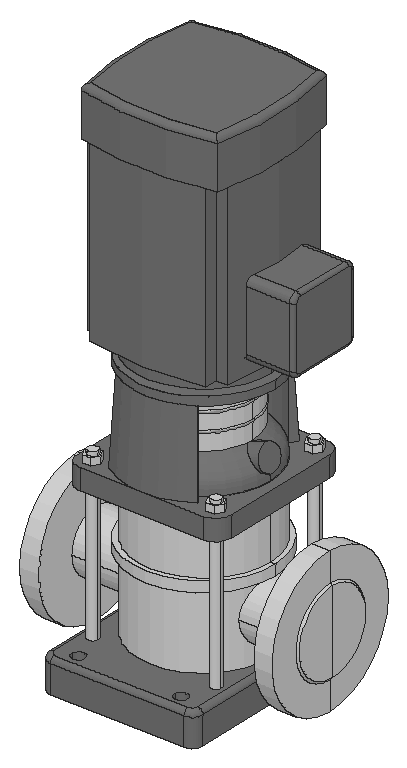
Revit family "TESK_Насос вертикальный_SVM(T)-5", category Оборудование, Revit 2019
Family settings
  Размер круглого соединителя = Использовать диаметр
  Классификация = Насос
  Тип детали = Вставляется
  На основе рабочей плоскости = Нет
  Всегда вертикально = Да
  При загрузке вырезать с полостями = Нет
  Общий = Нет
  Точка расчета площади = Нет
Parameters (values of type "Загрузите каталог типоразмеров TXT")
  Таблица_Поиска = "TESK_SVM(T)-5"  # constant formula
  Производитель_Контакты = "info@teskpump.ru"
  Напор максимальный = 0
  Материал_КорпусУлитка = TESK_Нержавеющая сталь
  Материал_КорпусДвигателя = TESK_Черный_Ребра_Условный
  Материал_2 = TESK_Нержавеющая сталь
  Материал_1 = TESK_Черный_Условный
  Длина_ВспомЛиния = 30 mm  # constant formula
  Высота_Перехода = size_lookup(Таблица_Поиска, "A5", 90 mm, ADSK_Марка)  # 90 mm
  Высота_Корпуса = size_lookup(Таблица_Поиска, "A1", 276 mm, ADSK_Марка)  # 276 mm
  Watermark [instance] = "Модели защищены уникальным кодом"
  URL = "www.teskpump.ru"
  ADSK_Свободный напор жидкости [instance] = 0.0 Pa
  ADSK_Расход жидкости [instance] = 0.0 L/s
  ADSK_Полная мощность = ADSK_Номинальная мощность * ADSK_Коэффициент мощности  # 0 kVA
  ADSK_Номинальная мощность = size_lookup(Таблица_Поиска, "Pow", 0 kW, ADSK_Марка)  # 0 kW
  ADSK_Напряжение = 400 V
  ADSK_Наименование краткое = "Вертикальный многоступенчатый центробежный насос"  # constant formula
  ADSK_Наименование = size_lookup(Таблица_Поиска, "Name", "Не найдено: Насос TESK SVM(T)-5", ADSK_Марка)  # "Не найдено: Насос TESK SVM(T)-5"
  ADSK_Масса_Текст = size_lookup(Таблица_Поиска, "mass_t", "Не найдено: Насос TESK SVM(T)-5", ADSK_Марка)  # "Не найдено: Насос TESK SVM(T)-5"
  ADSK_Масса = size_lookup(Таблица_Поиска, "mass", 0, ADSK_Марка)  # 0
  ADSK_Марка = "Загрузите каталог типоразмеров TXT"
  ADSK_Коэффициент мощности = 1
  ADSK_Количество фаз числовое = ADSK_Количество фаз  # 3
  ADSK_Количество фаз = if(ADSK_Напряжение = 230 V, 1, 3)  # 3
  ADSK_Количество = 1  # constant formula
  ADSK_Код изделия = size_lookup(Таблица_Поиска, "code", "Не найдено: Насос TESK SVM(T)-5", ADSK_Марка)  # "Не найдено: Насос TESK SVM(T)-5"
  ADSK_Классификация нагрузок = Прочее
  ADSK_Завод-изготовитель = "TESK"  # constant formula
  ADSK_Единица измерения = "шт."  # constant formula
  ADSK_Диаметр условный = 32 mm  # constant formula
  ADSK_Версия семейства = "1.0"  # constant formula
  ADSK_Версия Revit = "2019"  # constant formula
  Фланец_Толщина = 20 mm  # constant formula
  УГО_Длина = 250 mm  # constant formula
  Двигатель_Ширина = size_lookup(Таблица_Поиска, "A3", 148 mm, ADSK_Марка)  # 148 mm
  Двигатель_ОтступКоробки = size_lookup(Таблица_Поиска, "A4", 117 mm, ADSK_Марка)  # 117 mm
  Двигатель_Высота = size_lookup(Таблица_Поиска, "A2", 239 mm, ADSK_Марка)  # 239 mm
Reference planes
  plane 1 "По центру (Вперед/Назад)": y = 0
  plane 2: z = 0
  plane 3 "По центру (Влево/Вправо)": x = 0
  plane 4: x = -125
  plane 5: x = 125
  plane 6: x = -105
  plane 7: x = 105
  plane 8: z = -75
  plane 9: z = 201
  plane 10: z = -43
  plane 11: x = -65
  plane 12: z = 20
  plane 13: z = 30
  plane 14: z = 111
  plane 15: x = -40
  plane 16: z = 111
  plane 17: z = 91
  plane 18: x = -75
  plane 19: y = 75
  plane 20: x = 75
  plane 21: y = -75
  plane 22: z = 143.94
  plane 23: z = 193
  plane 24: z = 141
  plane 25: x = -46
  plane 26: x = -48
  plane 27: z = 158.333
  plane 28: z = 175.667
  plane 29: z = 176.667
  plane 30: z = 174.667
  plane 31: z = 159.333
  plane 32: z = 157.333
  plane 33: z = 188
  plane 34: x = -67
  plane 35: x = -75
  plane 36: x = -70
  plane 37: x = 67
  plane 38: x = 75
  plane 39: x = 70
  plane 40: x = -60
  plane 41: x = 60
  plane 42: y = -60
  plane 43: y = 60
  plane 44: z = 121
  plane 45: x = -75
  plane 46: x = 75
  plane 47: y = 105
  plane 48: y = -105
  plane 49: z = -48
  plane 50: x = -70
  plane 51: x = -75
  plane 52: x = -50
  plane 53: x = 50
  plane 54: y = -90
  plane 55: y = 90
  plane 56: z = 30
  plane 57: z = 40
  plane 58: x = -65
  plane 59: x = -70
  plane 60: x = -60
  plane 61: x = 60
  plane 62: y = 60
  plane 63: y = -60
  plane 64: z = 40
  plane 65: z = 123
  plane 66: x = 35
Forms (mm)
  Extrusion 1, solid, material "TESK_Нержавеющая сталь" <- "Материал_КорпусУлитка", detail levels fine
    sketch origin (0, 0, 0) x (0, 1, 0) y (0, 0, 1)
      loop
        circle (0, 0) r 30
    from -105 to 105
  Revolve 2, solid, material "TESK_Черный_Условный" <- "Материал_1", detail levels fine
    sketch origin (0, 0, 0) x (1, 0, 0) y (0, 0, 1)
      loop
        line (0, 193) -> (-40, 193) -> (-40, 143.94)
        spline (-40, 143.94) -> (-41.244, 140.444) -> (-44.01, 138.899) -> (-47.266, 137.354) -> (-50.371, 135.694) -> (-53.074, 133.884) -> (-55.632, 131.744) -> (-58.115, 129.259) -> (-60.275, 126.663) -> (-62.008, 124.179) -> (-63.365, 121.735) -> (-64.459, 117.975) -> (-65, 111)
        line (-65, 111) -> (-65, 91) -> (0, 91) -> (0, 193)
      axis (0, 91) -> (0, 193)
    angle from 0 to 360
  Extrusion 3, solid, material "TESK_Черный_Условный" <- "Материал_1", detail levels fine
    sketch origin (0, 0, 0) x (1, 0, 0) y (0, 1, 0)
      loop
        line (-75, 60) -> (-75, -60)
        arc (-75, -60) -> (-70.607, -70.607) -> (-60, -75) r 15
        line (-60, -75) -> (60, -75)
        arc (60, -75) -> (70.607, -70.607) -> (75, -60) r 15
        line (75, -60) -> (75, 60)
        arc (75, 60) -> (70.607, 70.607) -> (60, 75) r 15
        line (60, 75) -> (-60, 75)
        arc (-60, 75) -> (-70.607, 70.607) -> (-75, 60) r 15
    from 91 to 111
  Revolve 4, solid, material "TESK_Нержавеющая сталь" <- "Материал_2", detail levels fine
    sketch origin (0, 0, 0) x (1, 0, 0) y (0, 0, 1)
      loop
        line (-48, 188) -> (-48, 176.667)
        arc (-48, 176.667) -> (-49, 175.667) -> (-48, 174.667) r 1
        line (-48, 174.667) -> (-48, 159.333)
        arc (-48, 159.333) -> (-49, 158.333) -> (-48, 157.333) r 1
        line (-48, 157.333) -> (-48, 141) -> (-46, 141) -> (-46, 188) -> (-48, 188)
      axis (0, 141) -> (0, 188)
    angle from 0 to 360
  Extrusion 5, solid, material "TESK_Черный_Условный" <- "Материал_1", detail levels fine
    sketch origin (0, 0, 0) x (1, 0, 0) y (0, 1, 0)
      loop
        circle (0, 0) r 70
    from 193 to 201
  Revolve 6, solid, material "TESK_Черный_Условный" <- "Материал_1", detail levels fine
    sketch origin (0, 0, 0) x (1, 0, 0) y (0, 0, 1)
      loop
        line (-70, 193) -> (-75, 111) -> (-67, 111) -> (-67, 193) -> (-70, 193)
      axis (0, 111) -> (0, 193)
    angle from -125 to -55
  Revolve 7, solid, material "TESK_Черный_Условный" <- "Материал_1", detail levels fine
    sketch origin (0, 0, 0) x (-1, 0, 0) y (0, 0, 1)
      loop
        line (-70, 193) -> (-75, 111) -> (-67, 111) -> (-67, 193) -> (-70, 193)
      axis (0, 111) -> (0, 193)
    angle from 125 to 55
  Extrusion 8, solid, material "TESK_Нержавеющая сталь" <- "Материал_2", detail levels fine
    sketch origin (0, 0, 0) x (1, 0, 0) y (0, 1, 0)
      loop
        circle (-60, 60) r 5
      loop
        circle (60, 60) r 5
      loop
        circle (-60, -60) r 5
      loop
        circle (60, -60) r 5
    from -43 to 121
  Extrusion 9, solid, material "TESK_Черный_Условный" <- "Материал_1", detail levels fine
    sketch origin (0, 0, 0) x (1, 0, 0) y (0, 1, 0)
      loop
        arc (-65, 105) -> (-72.071, 102.071) -> (-75, 95) r 10
        line (-75, 95) -> (-75, -95)
        arc (-75, -95) -> (-72.071, -102.071) -> (-65, -105) r 10
        line (-65, -105) -> (65, -105)
        arc (65, -105) -> (72.071, -102.071) -> (75, -95) r 10
        line (75, -95) -> (75, 95)
        arc (75, 95) -> (72.071, 102.071) -> (65, 105) r 10
        line (65, 105) -> (-65, 105)
    from -75 to -43
  Sweep 10, void
    path in 3D
      loop
        arc (-75, -95, -43) -> (-72.071, -102.071, -43) -> (-65, -105, -43) r 10
        line (-65, -105, -43) -> (65, -105, -43)
        arc (65, -105, -43) -> (72.071, -102.071, -43) -> (75, -95, -43) r 10
        line (75, -95, -43) -> (75, 95, -43)
        arc (75, 95, -43) -> (72.071, 102.071, -43) -> (65, 105, -43) r 10
        line (65, 105, -43) -> (-65, 105, -43)
        arc (-65, 105, -43) -> (-72.071, 102.071, -43) -> (-75, 95, -43) r 10
        line (-75, 95, -43) -> (-75, -95, -43)
    profile origin (-75, 0, -43) x (1, 0, 0) y (0, 0, 1)
      loop
        arc (0, -5) -> (1.464, -1.464) -> (5, 0) r 5
        line (5, 0) -> (0, 0) -> (0, -5)
  Extrusion 11, void
    sketch origin (0, 0, 0) x (1, 0, 0) y (0, 1, 0)
      loop
        circle (-50, 90) r 6.5
      loop
        circle (50, 90) r 6.5
      loop
        circle (-50, -90) r 6.5
      loop
        circle (50, -90) r 6.5
    from -75 to -43
  Revolve 12, solid, material "TESK_Нержавеющая сталь" <- "Материал_КорпусУлитка", detail levels fine
    sketch origin (0, 0, 0) x (1, 0, 0) y (0, 0, 1)
      loop
        line (-65, -43) -> (0, -43) -> (0, 40) -> (-70, 40) -> (-70, 30) -> (-65, 30) -> (-65, -43)
      axis (0, -43) -> (0, 40)
    angle from 0 to 360
  Extrusion 13, solid, material "TESK_Нержавеющая сталь" <- "Материал_2", detail levels fine
    sketch origin (0, 0, 0) x (1, 0, 0) y (0, 1, 0)
      loop
        circle (0, 0) r 65
    from 40 to 91
  Sweep 14, solid, material "TESK_Черный_Условный" <- "Материал_1", detail levels fine
    path in 3D
      loop
        line (35, 0, 123) -> (63.978, 0, 130.765)
    profile origin (49.489, 0, 126.882) x (-0.258819, 0, 0.965926) y (0, -1, 0)
      loop
        circle (0, 0) r 12.65
Cuts and joins
  Sweep 10, Extrusion 11 cuts Extrusion 9
Lines and regions (mm)
  sketch lines
    curve 1: line (-75, 95, -43) -> (-75, -95, -43)
    curve 2: arc (-65, -105, -43) -> (-72.071, -102.071, -43) -> (-75, -95, -43) r 10
    curve 3: line (-65, -105, -43) -> (65, -105, -43)
    curve 4: arc (75, -95, -43) -> (72.071, -102.071, -43) -> (65, -105, -43) r 10
    curve 5: line (75, -95, -43) -> (75, 95, -43)
    curve 6: arc (65, 105, -43) -> (72.071, 102.071, -43) -> (75, 95, -43) r 10
    curve 7: line (65, 105, -43) -> (-65, 105, -43)
    curve 8: arc (-75, 95, -43) -> (-72.071, 102.071, -43) -> (-65, 105, -43) r 10
    curve 10: line (35, 0, 123) -> (63.978, 0, 130.765)
  reference lines
    curve 9: line (35, 0, 123) -> (63.978, 0, 130.765)
Dimensions and locks
  locked: plane 3 "По центру (Влево/Вправо)" to plane 4 at 125
  locked: plane 5 to plane 3 "По центру (Влево/Вправо)" at 125
  "Фланец_Толщина": plane 6 to plane 4
  "Фланец_Толщина": plane 5 to plane 7
  locked: plane 2 to plane 8 at 75
  "Высота_Корпуса": plane 9 to plane 8
  locked: plane 10 to plane 8 at 32
  locked: plane 3 "По центру (Влево/Вправо)" to plane 11 at 65
  locked: plane 12 to level at 20
  locked: plane 13 to plane 12 at 10
  "Высота_Перехода": plane 9 to plane 14
  locked: plane 3 "По центру (Влево/Вправо)" to plane 15 at 40
  "Высота_Перехода": plane 9 to plane 16
  locked: plane 16 to plane 17 at 20
  equal spacing: plane 18, plane 3 "По центру (Влево/Вправо)", plane 20
  equal spacing: plane 19, plane 1 "По центру (Вперед/Назад)", plane 21
  locked: plane 21 to plane 1 "По центру (Вперед/Назад)" at 75
  locked: plane 18 to plane 3 "По центру (Влево/Вправо)" at 75
  locked: plane 22 to plane 14 at 32.94
  locked: plane 24 to plane 16 at 30
  locked: plane 9 to plane 23 at 8
  locked: plane 3 "По центру (Влево/Вправо)" to plane 25 at 46
  locked: plane 3 "По центру (Влево/Вправо)" to plane 26 at 48
  equal spacing: plane 23, plane 28, plane 27, plane 24
  plane 29 to plane 28 to plane 30 = 1 mm locked, 1 mm locked
  plane 31 to plane 27 to plane 32 = 1 mm locked, 1 mm locked
  locked: plane 23 to plane 33 at 5
  locked: plane 3 "По центру (Влево/Вправо)" to plane 34 at 67
  locked: plane 35 to plane 3 "По центру (Влево/Вправо)" at 75
  locked: plane 3 "По центру (Влево/Вправо)" to plane 36 at 70
  locked: plane 37 to plane 3 "По центру (Влево/Вправо)" at 67
  locked: plane 39 to plane 3 "По центру (Влево/Вправо)" at 70
  locked: plane 38 to plane 3 "По центру (Влево/Вправо)" at 75
  equal spacing: plane 40, plane 3 "По центру (Влево/Вправо)", plane 41
  locked: plane 40 to plane 3 "По центру (Влево/Вправо)" at 60
  equal spacing: plane 43, plane 1 "По центру (Вперед/Назад)", plane 42
  locked: plane 43 to plane 1 "По центру (Вперед/Назад)" at 60
  locked: plane 44 to plane 16 at 10
  equal spacing: plane 45, plane 3 "По центру (Влево/Вправо)", plane 46
  locked: plane 45 to plane 3 "По центру (Влево/Вправо)" at 75
  equal spacing: plane 47, plane 1 "По центру (Вперед/Назад)", plane 48
  plane 47 to plane 1 "По центру (Вперед/Назад)" = 105 mm
  locked: plane 51 to plane 3 "По центру (Влево/Вправо)" at 75
  locked: plane 51 to plane 50 at 5
  locked: plane 10 to plane 49 at 5
  equal spacing: plane 52, plane 3 "По центру (Влево/Вправо)", plane 53
  locked: plane 52 to plane 3 "По центру (Влево/Вправо)" at 50
  equal spacing: plane 55, plane 1 "По центру (Вперед/Назад)", plane 54
  locked: plane 55 to plane 1 "По центру (Вперед/Назад)" at 90
  locked: plane 3 "По центру (Влево/Вправо)" to plane 58 at 65
  locked: plane 58 to plane 59 at 5
  locked: plane 56 to plane 2 at 30
  locked: plane 57 to plane 56 at 10
  equal spacing: plane 62, plane 1 "По центру (Вперед/Назад)", plane 63
  locked: plane 62 to plane 1 "По центру (Вперед/Назад)" at 60
  equal spacing: plane 60, plane 3 "По центру (Влево/Вправо)", plane 61
  locked: plane 3 "По центру (Влево/Вправо)" to plane 61 at 60
  locked: plane 64 to plane 2 at 40
  locked: plane 65 to plane 16 at 12
  locked: plane 66 to plane 3 "По центру (Влево/Вправо)" at 35
  "Длина_ВспомЛиния": curve 9 to curve 9
  diameter of Extrusion 1 sketch curve = 60 mm
  radius of Extrusion 3 sketch curve = 15 mm  (x4)
  radius of Revolve 4 sketch curve = 1 mm  (x2)
  diameter of Extrusion 5 sketch curve = 140 mm
  diameter of Extrusion 8 sketch curve = 10 mm  (x4)
  radius of Extrusion 9 sketch curve = 10 mm  (x4)
  radius of Sweep 10 sketch curve = 5 mm
  diameter of Extrusion 11 sketch curve = 13 mm  (x4)
  diameter of Extrusion 13 sketch curve = 130 mm
  diameter of Sweep 14 sketch curve = 25.3 mm
  locked: plane 65 to curve 9 (angle 15.00°)
  aligned and locked: level to plane 2
  aligned and locked: plane 1 "По центру (Вперед/Назад)" to nested 1
  aligned and locked: nested 2 to plane 1 "По центру (Вперед/Назад)"
  aligned and locked: plane 4 to nested 1
  aligned and locked: nested 2 to plane 5
  aligned and locked: Extrusion 1 to plane 6
  aligned and locked: plane 7 to Extrusion 1
  aligned and locked: plane 9 to nested 3
  aligned and locked: plane 3 "По центру (Влево/Вправо)" to Revolve 2 sketch curve
  aligned and locked: Revolve 2 sketch curve to plane 3 "По центру (Влево/Вправо)"
  aligned and locked: Revolve 2 sketch curve to plane 11
  aligned and locked: plane 14 to Revolve 2 sketch curve
  aligned and locked: Revolve 2 sketch curve to plane 15
  aligned and locked: Extrusion 3 sketch curve to plane 18
  aligned and locked: Extrusion 3 sketch curve to plane 19
  aligned and locked: Extrusion 3 sketch curve to plane 20
  aligned and locked: Extrusion 3 sketch curve to plane 21
  aligned and locked: plane 16 to Extrusion 3
  aligned and locked: Extrusion 3 to plane 17
  aligned and locked: plane 22 to Revolve 2 sketch curve
  aligned and locked: plane 3 "По центру (Влево/Вправо)" to Revolve 4 sketch curve
  aligned and locked: Revolve 4 sketch curve to plane 26  (x3)
  aligned and locked: Revolve 4 sketch curve to plane 24
  aligned and locked: Revolve 4 sketch curve to plane 25
  aligned and locked: Revolve 4 sketch curve to plane 33
  aligned and locked: Extrusion 5 to plane 23
  aligned and locked: plane 9 to Extrusion 5
  aligned and locked: plane 3 "По центру (Влево/Вправо)" to Revolve 6 sketch curve
  aligned and locked: Revolve 6 sketch curve to plane 34
  aligned and locked: plane 16 to Revolve 6 sketch curve
  aligned and locked: Revolve 6 sketch curve to plane 23
  aligned and locked: plane 35 to Revolve 6 sketch curve
  aligned and locked: plane 36 to Revolve 6 sketch curve
  aligned and locked: plane 37 to Revolve 7 sketch curve
  aligned and locked: Revolve 7 sketch curve to plane 16
  aligned and locked: plane 23 to Revolve 7 sketch curve
  aligned and locked: plane 43 to Extrusion 8 sketch curve  (x2)
  aligned and locked: plane 40 to Extrusion 8 sketch curve  (x2)
  aligned and locked: plane 41 to Extrusion 8 sketch curve  (x2)
  aligned and locked: plane 42 to Extrusion 8 sketch curve  (x2)
  aligned and locked: Extrusion 8 to plane 10
  aligned and locked: plane 44 to Extrusion 8
  aligned and locked: Extrusion 9 sketch curve to plane 47
  aligned and locked: Extrusion 9 sketch curve to plane 45
  aligned and locked: Extrusion 9 sketch curve to plane 46
  aligned and locked: Extrusion 9 sketch curve to plane 48
  aligned and locked: plane 8 to Extrusion 9
  aligned and locked: plane 10 to Extrusion 9
  aligned and locked: Sweep 10 sketch curve to plane 51
  aligned and locked: profile plane to Sweep 10 sketch curve
  aligned and locked: Revolve 2 sketch curve to plane 23
  aligned and locked: nested 4 to plane 1 "По центру (Вперед/Назад)"
  aligned and locked: nested 4 to plane 3 "По центру (Влево/Вправо)"
  aligned and locked: nested 5 to plane 3 "По центру (Влево/Вправо)"
  aligned and locked: nested 5 to plane 1 "По центру (Вперед/Назад)"
  aligned and locked: plane 2 to nested 5
  aligned and locked: plane 52 to Extrusion 11 sketch curve  (x2)
  aligned and locked: plane 54 to Extrusion 11 sketch curve
  aligned and locked: plane 53 to Extrusion 11 sketch curve  (x2)
  aligned and locked: plane 55 to Extrusion 11 sketch curve  (x2)
  aligned and locked: plane 10 to Extrusion 11
  aligned and locked: Extrusion 11 to plane 8
  aligned and locked: plane 3 "По центру (Влево/Вправо)" to Revolve 12 sketch curve
  aligned and locked: Revolve 12 sketch curve to plane 10
  aligned and locked: Revolve 12 sketch curve to plane 58
  aligned and locked: Revolve 12 sketch curve to plane 56
  aligned and locked: Revolve 12 sketch curve to plane 59
  aligned and locked: Revolve 12 sketch curve to plane 57
  aligned and locked: Revolve 12 sketch curve to plane 3 "По центру (Влево/Вправо)"
  aligned and locked: plane 3 "По центру (Влево/Вправо)" to nested 3
  aligned and locked: plane 1 "По центру (Вперед/Назад)" to nested 3
  aligned and locked: nested 6 to plane 62
  aligned and locked: plane 61 to nested 6
  aligned and locked: plane 62 to nested 7
  aligned and locked: plane 60 to nested 7
  aligned and locked: plane 63 to nested 9
  aligned and locked: nested 9 to plane 60
  aligned and locked: nested 8 to plane 63
  aligned and locked: nested 8 to plane 61
  aligned and locked: plane 16 to nested 8
  aligned and locked: nested 6 to plane 16
  aligned and locked: nested 9 to plane 16
  aligned and locked: plane 16 to nested 7
  aligned and locked: Revolve 2 sketch curve to plane 17
  aligned and locked: plane 1 "По центру (Вперед/Назад)" to Extrusion 13 sketch curve
  aligned and locked: plane 3 "По центру (Влево/Вправо)" to Extrusion 13 sketch curve
  aligned and locked: plane 17 to Extrusion 13
  aligned and locked: Extrusion 13 to plane 64
  aligned and locked: plane 38 to Revolve 7 sketch curve
  aligned and locked: Revolve 7 sketch curve to plane 39
  aligned and locked: plane 66 to curve 9
  aligned and locked: plane 65 to curve 9
Automatic sketch dimensions
  Extrusion 1 sketch curve to level = 0 mm
  Extrusion 1 sketch curve to plane 1 "По центру (Вперед/Назад)" = 0 mm
  Revolve 4 sketch curve to plane 32 = 0 mm
  Revolve 4 sketch curve to plane 30 = 0 mm
  Revolve 4 sketch curve to plane 24 = 10 mm
  Revolve 4 sketch curve to Revolve 4 sketch curve = 10 mm
  plane 1 "По центру (Вперед/Назад)" to Extrusion 5 sketch curve = 0 mm
  Extrusion 5 sketch curve to plane 3 "По центру (Влево/Вправо)" = 0 mm
  Sweep 10 sketch curve to plane 49 = 0 mm  (x2)
  Sweep 10 sketch curve to Sweep 10 sketch curve = 0 mm
  Sweep 10 sketch curve to plane 50 = 0 mm
  Extrusion 11 sketch curve to plane 54 = 0 mm
  Revolve 12 sketch curve to plane 17 = 30 mm
  Revolve 12 sketch curve to plane 17 = 10 mm
  Revolve 6 sketch curve to plane 44 = 0 mm
  Revolve 6 sketch curve to plane 24 = 7.057 mm
  Revolve 7 sketch curve to plane 3 "По центру (Влево/Вправо)" = 0 mm
  Revolve 7 sketch curve to plane 44 = 0 mm
  plane 24 to Revolve 7 sketch curve = 7.057 mm
  Sweep 14 sketch curve to profile plane = 0 mm
  profile plane to Sweep 14 sketch curve = 0 mm
  Revolve 2 sketch curve to plane 17 = 8 mm
  Revolve 2 sketch curve to Revolve 2 sketch curve = 2 mm
Nested families
  nested 1: "Фланец_Круглый" at (-105, 0, 0), Толщина_Фланца <- "Фланец_Толщина", ADSK_Материал <- "Материал_КорпусУлитка", type "Фланец_Круглый", detail levels fine
    with Толщина_Фланца 20 mm, Толщина_Зеркала 2.2 mm, Dнар_Фланца 140 mm, D_Зеркала 80 mm, ADSK_Материал TESK_Нержавеющая сталь
  nested 2: "Фланец_Круглый" at (105, 0, 0) x (-1, 0, 0) z (0, 0, 1), Толщина_Фланца <- "Фланец_Толщина", ADSK_Материал <- "Материал_КорпусУлитка", type "Фланец_Круглый", detail levels fine
    with Толщина_Фланца 20 mm, Толщина_Зеркала 2.2 mm, Dнар_Фланца 140 mm, D_Зеркала 80 mm, ADSK_Материал TESK_Нержавеющая сталь
  nested 3: "Электродвигатель" at (0, 0, 201), Высота_Двигателя <- "Двигатель_Высота", Отступ_Коробка <- "Двигатель_ОтступКоробки", Ширина_Двигателя <- "Двигатель_Ширина", ADSK_Материал <- "Материал_1", Материал_Корпуса <- "Материал_КорпусДвигателя", type "Электродвигатель", detail levels fine
    with Ширина_Коробки 74 mm, Ширина_Двигателя 148 mm, Отступ_Коробка 117 mm, Материал_Корпуса TESK_Черный_Ребра_Условный, Высота_Двигателя 239 mm, r_Крышка 5.92 mm, r_Коробка 7.4 mm, r2_Коробка 3.7 mm, r2 66.6 mm, r1 54.76 mm, h4 11.95 mm, h3 47.8 mm, h2 14.34 mm, h1 4.78 mm, a 17.76 mm, R 281.2 mm, ADSK_Материал TESK_Черный_Условный
  nested 4: "Вл_УГО_Насос_2D" at (0, 0, 0) x (-1, 0, 0) z (0, 0, 1), L_УГО <- "УГО_Длина", type "Вл_УГО_Насос_2D", detail levels coarse+medium
    with L_УГО 250 mm
  nested 5: "Вл_УГО_Насос_3D" at (0, 0, 0) x (-1, 0, 0) z (0, -1, 0), L_УГО <- "УГО_Длина", type "Вл_УГО_Насос_3D", detail levels coarse+medium
    with L_УГО 250 mm
  nested 6: "Гайка_Условная" at (60, 60, 111), Материал1 <- "Материал_2", type "Гайка_Условная", detail levels fine
    with Толщина_Гайка 7 mm, Материал1 TESK_Нержавеющая сталь, S_Гайка 14 mm, D_Вн 10 mm
  nested 7: "Гайка_Условная" at (-60, 60, 111) x (-1, 0, 0) z (0, 0, 1), Материал1 <- "Материал_2", type "Гайка_Условная", detail levels fine
    with Толщина_Гайка 7 mm, Материал1 TESK_Нержавеющая сталь, S_Гайка 14 mm, D_Вн 10 mm
  nested 8: "Гайка_Условная" at (60, -60, 111), Материал1 <- "Материал_2", type "Гайка_Условная", detail levels fine
    with Толщина_Гайка 7 mm, Материал1 TESK_Нержавеющая сталь, S_Гайка 14 mm, D_Вн 10 mm
  nested 9: "Гайка_Условная" at (-60, -60, 111) x (-1, 0, 0) z (0, 0, 1), Материал1 <- "Материал_2", type "Гайка_Условная", detail levels fine
    with Толщина_Гайка 7 mm, Материал1 TESK_Нержавеющая сталь, S_Гайка 14 mm, D_Вн 10 mm
Connectors
  electrical at (0, 0, 392.2), driven by "ADSK_Количество фаз", driven by "ADSK_Классификация нагрузок", driven by "ADSK_Напряжение", driven by "ADSK_Полная мощность", driven by "ADSK_Коэффициент мощности"
    settings: on nested 3, index 1, voltage 400 V, apparent load 0 kVA, apparent load phase1 0 kVA, apparent load phase2 0 kVA, apparent load phase3 0 kVA, power factor 1, load classification "Прочее", number of poles 3, system type 30, power factor state 1, is connector primary yes, connector utility no, sub classification motor no, connector description ""
  piping at (125, 0, 0), diameter 32, driven by "ADSK_Расход жидкости", driven by "ADSK_Диаметр условный"
    settings: on nested 2, index 2, connector inside diameter 609.6 mm, connector length 0 mm, flow factor 0, pipe flow 0.0 L/s, pressure drop 0.0 Pa, fitting loss kfactor 0, connector angle 0.00°, fixture units 0, engagement length 0 mm, angle of deflection 0.00°, flow configuration 0, flow direction 2, fitting loss method 0, system type 29, joint type 0, gender type 0, connector reference index 3, connector utility 0, adjustable connector no, is connector primary yes, connector description ""
  piping at (-125, 0, 0), diameter 32, driven by "ADSK_Расход жидкости", driven by "ADSK_Диаметр условный"
    settings: on nested 1, index 3, connector inside diameter 609.6 mm, connector length 0 mm, flow factor 0, pipe flow 0.0 L/s, pressure drop 0.0 Pa, fitting loss kfactor 0, connector angle 0.00°, fixture units 0, engagement length 0 mm, angle of deflection 0.00°, flow configuration 0, flow direction 1, fitting loss method 0, system type 29, joint type 0, gender type 0, connector reference index 2, connector utility 0, adjustable connector no, is connector primary no, connector description ""
Definition of nested family "Фланец_Круглый"
  Parameters (values of type "Фланец_Круглый")
    Толщина_Фланца [instance] = 30 mm
    Толщина_Зеркала [instance] = 2 mm
    Dнар_Фланца [instance] = 200 mm
    D_Зеркала [instance] = 90 mm
    ADSK_Материал [instance] = none
  Reference planes
    plane 1 "По центру (Вперед/Назад)": y = 0
    plane 2: z = 0
    plane 3 "По центру (Влево/Вправо)": x = 0
    plane 4: z = 100
    plane 5: z = -100
    plane 6: x = -30
    plane 7: x = -28
    plane 8: z = 45
    plane 9: z = -45
  Forms (mm)
    Revolve 1, solid, material <- "ADSK_Материал"
      sketch origin (0, 0, 0) x (1, 0, 0) y (0, 0, 1)
        loop
          line (0, 100) -> (-28, 100) -> (-28, 0) -> (0, 0) -> (0, 100)
        axis (-28, 0) -> (0, 0)
      angle from 0 to 360
    Revolve 2, solid, material <- "ADSK_Материал"
      sketch origin (0, 0, 0) x (1, 0, 0) y (0, 0, 1)
        loop
          line (-28, 47) -> (-30, 45) -> (-30, 0) -> (-28, 0) -> (-28, 47)
        axis (-30, 0) -> (-28, 0)
      angle from 0 to 360
  Cuts and joins
    joined: Revolve 1, Revolve 2
  Dimensions and locks
    equal spacing: plane 4, plane 2, plane 5
    "Dнар_Фланца": plane 4 to plane 5
    "Толщина_Фланца": plane 3 "По центру (Влево/Вправо)" to plane 6
    "Толщина_Зеркала": plane 7 to plane 6
    equal spacing: plane 8, plane 2, plane 9
    "D_Зеркала": plane 8 to plane 9
    locked: Revolve 2 sketch curve to plane 6 (angle 45.00°)
    aligned and locked: level to plane 2
    aligned and locked: Revolve 1 sketch curve to plane 2  (x2)
    aligned and locked: Revolve 1 sketch curve to plane 3 "По центру (Влево/Вправо)"
    aligned and locked: Revolve 1 sketch curve to plane 7
    aligned and locked: Revolve 1 sketch curve to plane 4
    aligned and locked: Revolve 2 sketch curve to plane 2  (x2)
    aligned and locked: Revolve 2 sketch curve to plane 7
    aligned and locked: Revolve 2 sketch curve to plane 6
    aligned and locked: plane 8 to Revolve 2 sketch curve
  Automatic sketch dimensions
    plane 7 to Revolve 1 sketch curve = 5 mm
    Revolve 1 sketch curve to plane 3 "По центру (Влево/Вправо)" = 2 mm
    plane 7 to Revolve 2 sketch curve = 12.352 mm
    Revolve 2 sketch curve to plane 3 "По центру (Влево/Вправо)" = 5.648 mm
Definition of nested family "Электродвигатель"
  Parameters (values of type "Электродвигатель")
    Ширина_Коробки [instance] = Ширина_Двигателя * 0.5  # 74 mm
    Ширина_Двигателя [instance] = 148 mm
    Отступ_Коробка [instance] = 117 mm
    Материал_Корпуса [instance] = none
    Высота_Двигателя [instance] = 239 mm
    r_Крышка [instance] = Ширина_Двигателя * 0.04  # 5.92 mm
    r_Коробка [instance] = Ширина_Коробки * 0.1  # 7.4 mm
    r2_Коробка [instance] = Ширина_Коробки * 0.05  # 3.7 mm
    r2 [instance] = Ширина_Двигателя * 0.45  # 66.6 mm
    r1 [instance] = Ширина_Двигателя * 0.37  # 54.76 mm
    h4 [instance] = Высота_Двигателя * 0.05  # 11.95 mm
    h3 [instance] = Высота_Двигателя * 0.2  # 47.8 mm
    h2 [instance] = Высота_Двигателя * 0.06  # 14.34 mm
    h1 [instance] = Высота_Двигателя * 0.02  # 4.78 mm
    a [instance] = Ширина_Двигателя * 0.12  # 17.76 mm
    R [instance] = Ширина_Двигателя * 1.9  # 281.2 mm
    ADSK_Материал [instance] = none
  Reference planes
    plane 1 "По центру (Вперед/Назад)": y = 0
    plane 2: z = 0
    plane 3 "По центру (Влево/Вправо)": x = 0
    plane 4: z = 239
    plane 5: x = -74
    plane 6: x = 74
    plane 7: x = 117
    plane 8: y = 74
    plane 9: y = -74
    plane 10: z = 4.78
    plane 11: z = 19.12
    plane 12: z = 191.2
    plane 13: x = -56.24
    plane 14: y = -56.24
    plane 15: y = 56.24
    plane 16: x = -56.24
    plane 17: x = 56.24
    plane 18: y = 56.24
    plane 19: x = 56.24
    plane 20: y = -56.24
    plane 21: x = -66.6
    plane 22: x = -54.76
    plane 23: x = 207.2
    plane 24: x = -207.2
    plane 25: y = -207.2
    plane 26: y = 207.2
    plane 27: x = 207.2
    plane 28: y = -207.2
    plane 29: x = -207.2
    plane 30: y = 207.2
    plane 31: y = 68.08
    plane 32: z = 233.08
    plane 33: z = 31.07
    plane 34: z = 105.07
    plane 35: y = -37
    plane 36: y = 37
    plane 37: x = 113.3
    plane 38: z = 101.37
  Forms (mm)
    Extrusion 1, solid, material <- "Материал_Корпуса"
      sketch origin (0, 0, 0) x (1, 0, 0) y (0, 1, 0)
        loop
          arc (-68.319, 56.24) -> (-74, 0) -> (-68.319, -56.24) r 281.2
          line (-68.319, -56.24) -> (-56.24, -56.24) -> (-56.24, -68.319)
          arc (-56.24, -68.319) -> (0, -74) -> (56.24, -68.319) r 281.2
          line (56.24, -68.319) -> (56.24, -56.24) -> (68.319, -56.24)
          arc (68.319, -56.24) -> (74, 0) -> (68.319, 56.24) r 281.2
          line (68.319, 56.24) -> (56.24, 56.24) -> (56.24, 68.319)
          arc (56.24, 68.319) -> (0, 74) -> (-56.24, 68.319) r 281.2
          line (-56.24, 68.319) -> (-56.24, 56.24) -> (-68.319, 56.24)
      from 19.12 to 191.2
    Revolve 2, solid, material <- "ADSK_Материал"
      sketch origin (0, 0, 0) x (1, 0, 0) y (0, 0, 1)
        loop
          line (-66.6, 19.12) -> (-66.6, 4.78) -> (-54.76, 4.78) -> (-54.76, 0) -> (0, 0) -> (0, 19.12) -> (-66.6, 19.12)
        axis (0, 0) -> (0, 19.12)
      angle from 0 to 360
    Extrusion 3, solid, material <- "ADSK_Материал"
      sketch origin (0, 0, 0) x (1, 0, 0) y (0, 1, 0)
        loop
          arc (-66.117, 66.117) -> (-74, 0) -> (-66.117, -66.117) r 281.2
          arc (-66.117, -66.117) -> (0, -74) -> (66.117, -66.117) r 281.2
          arc (66.117, -66.117) -> (74, 0) -> (66.117, 66.117) r 281.2
          arc (66.117, 66.117) -> (0, 74) -> (-66.117, 66.117) r 281.2
      from 191.2 to 239
    Sweep 4, void
      path in 3D
        loop
          arc (66.117, 66.117, 239) -> (74, 0, 239) -> (66.117, -66.117, 239) r 281.2
          arc (66.117, -66.117, 239) -> (0, -74, 239) -> (-66.117, -66.117, 239) r 281.2
          arc (-66.117, -66.117, 239) -> (-74, 0, 239) -> (-66.117, 66.117, 239) r 281.2
          arc (-66.117, 66.117, 239) -> (0, 74, 239) -> (66.117, 66.117, 239) r 281.2
      profile origin (0, 74, 239) x (0, 1, 0) y (0, 0, 1)
        loop
          line (0, 0) -> (-5.92, 0)
          arc (-5.92, 0) -> (-1.734, -1.734) -> (0, -5.92) r 5.92
          line (0, -5.92) -> (0, 0)
    Extrusion 5, solid, material <- "ADSK_Материал"
      sketch origin (0, 0, 0) x (0, 1, 0) y (0, 0, 1)
        loop
          line (-29.6, 31.07) -> (29.6, 31.07)
          arc (29.6, 31.07) -> (34.833, 33.237) -> (37, 38.47) r 7.4
          line (37, 38.47) -> (37, 97.67)
          arc (37, 97.67) -> (34.833, 102.903) -> (29.6, 105.07) r 7.4
          line (29.6, 105.07) -> (-29.6, 105.07)
          arc (-29.6, 105.07) -> (-34.833, 102.903) -> (-37, 97.67) r 7.4
          line (-37, 97.67) -> (-37, 38.47)
          arc (-37, 38.47) -> (-34.833, 33.237) -> (-29.6, 31.07) r 7.4
      from 0 to 117
    Sweep 6, void
      path in 3D
        loop
          arc (117, -29.6, 105.07) -> (117, -34.833, 102.903) -> (117, -37, 97.67) r 7.4
          line (117, -37, 97.67) -> (117, -37, 38.47)
          arc (117, -37, 38.47) -> (117, -34.833, 33.237) -> (117, -29.6, 31.07) r 7.4
          line (117, -29.6, 31.07) -> (117, 29.6, 31.07)
          arc (117, 29.6, 31.07) -> (117, 34.833, 33.237) -> (117, 37, 38.47) r 7.4
          line (117, 37, 38.47) -> (117, 37, 97.67)
          arc (117, 37, 97.67) -> (117, 34.833, 102.903) -> (117, 29.6, 105.07) r 7.4
          line (117, 29.6, 105.07) -> (117, -29.6, 105.07)
      profile origin (117, 0, 105.07) x (1, 0, 0) y (0, 0, 1)
        loop
          arc (-3.7, 0) -> (-1.084, -1.084) -> (0, -3.7) r 3.7
          line (0, -3.7) -> (0, 0) -> (-3.7, 0)
  Cuts and joins
    Sweep 4 cuts Extrusion 3
    Sweep 6 cuts Extrusion 5
  Lines and regions (mm)
    sketch lines
      curve 1: arc (-66.117, 66.117, 239) -> (0, 74, 239) -> (66.117, 66.117, 239) r 281.2
      curve 2: arc (66.117, 66.117, 239) -> (74, 0, 239) -> (66.117, -66.117, 239) r 281.2
      curve 3: arc (66.117, -66.117, 239) -> (0, -74, 239) -> (-66.117, -66.117, 239) r 281.2
      curve 4: arc (-66.117, -66.117, 239) -> (-74, 0, 239) -> (-66.117, 66.117, 239) r 281.2
      curve 5: line (117, 29.6, 105.07) -> (117, -29.6, 105.07)
      curve 6: arc (117, 29.6, 105.07) -> (117, 34.833, 102.903) -> (117, 37, 97.67) r 7.4
      curve 7: line (117, 37, 38.47) -> (117, 37, 97.67)
      curve 8: arc (117, 37, 38.47) -> (117, 34.833, 33.237) -> (117, 29.6, 31.07) r 7.4
      curve 9: line (117, -29.6, 31.07) -> (117, 29.6, 31.07)
      curve 10: arc (117, -29.6, 31.07) -> (117, -34.833, 33.237) -> (117, -37, 38.47) r 7.4
      curve 11: line (117, -37, 97.67) -> (117, -37, 38.47)
      curve 12: arc (117, -37, 97.67) -> (117, -34.833, 102.903) -> (117, -29.6, 105.07) r 7.4
  Dimensions and locks
    "Высота_Двигателя": plane 4 to plane 2
    equal spacing: plane 6, plane 3 "По центру (Влево/Вправо)", plane 5
    "Ширина_Двигателя": plane 6 to plane 5
    "Отступ_Коробка": plane 7 to plane 3 "По центру (Влево/Вправо)"
    equal spacing: plane 8, plane 1 "По центру (Вперед/Назад)", plane 9
    "Ширина_Двигателя": plane 8 to plane 9
    "a": plane 5 to plane 13
    "a": plane 14 to plane 9
    "a": plane 19 to plane 6
    "a": plane 20 to plane 9
    "a": plane 17 to plane 6
    "a": plane 8 to plane 18
    "a": plane 8 to plane 15
    "a": plane 5 to plane 16
    "r1": plane 3 "По центру (Влево/Вправо)" to plane 22
    "r2": plane 3 "По центру (Влево/Вправо)" to plane 21
    "h1": plane 10 to plane 2
    "h2": plane 11 to plane 10
    "h3": plane 4 to plane 12
    "R": plane 8 to plane 25
    "R": plane 5 to plane 23
    "R": plane 26 to plane 9
    "R": plane 24 to plane 6
    "R": plane 30 to plane 9
    "R": plane 8 to plane 28
    "R": plane 29 to plane 6
    "R": plane 5 to plane 27
    "r_Крышка": plane 8 to plane 31
    "r_Крышка": plane 4 to plane 32
    "h4": plane 33 to plane 11
    "Ширина_Коробки": plane 34 to plane 33
    equal spacing: plane 35, plane 1 "По центру (Вперед/Назад)", plane 36
    "Ширина_Коробки": plane 35 to plane 36
    "r2_Коробка": plane 7 to plane 37
    "r2_Коробка": plane 34 to plane 38
    "R": radius of Extrusion 1 sketch curve  (x4)
    "R": radius of Extrusion 3 sketch curve  (x4)
    "r_Крышка": radius of Sweep 4 sketch curve
    "r_Коробка": radius of Extrusion 5 sketch curve  (x4)
    "r2_Коробка": radius of Sweep 6 sketch curve
    aligned and locked: level to plane 2
    aligned and locked: Extrusion 1 sketch curve to plane 16
    aligned and locked: Extrusion 1 sketch curve to plane 17
    aligned and locked: Extrusion 1 sketch curve to plane 18
    aligned and locked: Extrusion 1 sketch curve to plane 20
    aligned and locked: Extrusion 1 sketch curve to plane 19
    aligned and locked: Extrusion 1 sketch curve to plane 13
    aligned and locked: Extrusion 1 sketch curve to plane 14
    aligned and locked: plane 12 to Extrusion 1
    aligned and locked: Extrusion 1 to plane 11
    aligned and locked: plane 3 "По центру (Влево/Вправо)" to Revolve 2 sketch curve
    aligned and locked: Revolve 2 sketch curve to plane 11
    aligned and locked: Revolve 2 sketch curve to plane 3 "По центру (Влево/Вправо)"
    aligned and locked: Revolve 2 sketch curve to level
    aligned and locked: Revolve 2 sketch curve to plane 21
    aligned and locked: Revolve 2 sketch curve to plane 22
    aligned and locked: Revolve 2 sketch curve to plane 10
    aligned and locked: plane 23 to Extrusion 1 sketch curve
    aligned and locked: plane 1 "По центру (Вперед/Назад)" to Extrusion 1 sketch curve  (x2)
    aligned and locked: plane 25 to Extrusion 1 sketch curve
    aligned and locked: plane 3 "По центру (Влево/Вправо)" to Extrusion 1 sketch curve  (x2)
    aligned and locked: plane 24 to Extrusion 1 sketch curve
    aligned and locked: plane 26 to Extrusion 1 sketch curve
    aligned and locked: plane 28 to Extrusion 3 sketch curve
    aligned and locked: plane 3 "По центру (Влево/Вправо)" to Extrusion 3 sketch curve  (x2)
    aligned and locked: plane 1 "По центру (Вперед/Назад)" to Extrusion 3 sketch curve  (x2)
    aligned and locked: plane 29 to Extrusion 3 sketch curve
    aligned and locked: plane 30 to Extrusion 3 sketch curve
    aligned and locked: plane 27 to Extrusion 3 sketch curve
    aligned and locked: plane 4 to Extrusion 3
    aligned and locked: Extrusion 3 to plane 12
    aligned and locked: profile plane to Sweep 4 sketch curve  (x2)
    aligned and locked: Extrusion 5 sketch curve to plane 33
    aligned and locked: Extrusion 5 sketch curve to plane 35
    aligned and locked: Extrusion 5 sketch curve to plane 34
    aligned and locked: Extrusion 5 sketch curve to plane 36
    aligned and locked: Extrusion 5 to plane 3 "По центру (Влево/Вправо)"
    aligned and locked: plane 7 to Extrusion 5
    aligned and locked: Sweep 6 sketch curve to plane 34
    aligned and locked: Sweep 6 sketch curve to plane 7
    aligned and locked: plane 37 to Sweep 6 sketch curve
    aligned and locked: plane 38 to Sweep 6 sketch curve
  Automatic sketch dimensions
    Extrusion 1 sketch curve to plane 15 = 0 mm
    plane 10 to Revolve 2 sketch curve = 5 mm
    Revolve 2 sketch curve to plane 11 = 0.698 mm
    Sweep 4 sketch curve to plane 31 = 0 mm  (x2)
    Sweep 4 sketch curve to plane 32 = 0 mm  (x2)
    Sweep 6 sketch curve to plane 37 = 0 mm
    Sweep 6 sketch curve to plane 38 = 0 mm
Definition of nested family "Вл_УГО_Насос_3D"
  Parameters (values of type "Вл_УГО_Насос_3D")
    L_УГО [instance] = 490 mm
    D = 200 mm  # constant formula
  Reference planes
    plane 1 "По центру (Вперед/Назад)": y = 0
    plane 2: z = 0
    plane 3 "По центру (Влево/Вправо)": x = 0
    plane 4: x = -245
    plane 5: x = 245
    plane 6: z = -1
    plane 7: z = 1
    plane 8: z = 0.5
    plane 9: z = -0.5
  Forms (mm)
    Extrusion 1, solid
      sketch origin (0, 0, 0) x (1, 0, 0) y (0, 1, 0)
        loop
          circle (0, 0) r 100
      from -0.5 to 0.5
    Extrusion 2, solid
      sketch origin (0, 0, 0) x (1, 0, 0) y (0, 1, 0)
        loop
          line (-100, 0) -> (50, -86.603) -> (50, 86.603) -> (-100, 0)
      from -1 to 1
  Lines and regions (mm)
    model lines
      curve 1: line (-245, 0, 0) -> (-100, 0, 0)
      curve 2: line (100, 0, 0) -> (245, 0, 0)
  Dimensions and locks
    equal spacing: plane 4, plane 3 "По центру (Влево/Вправо)", plane 5
    plane 7 to level to plane 6 = 1 mm locked, 1 mm locked
    plane 8 to level = 0.5 mm
    level to plane 9 = 0.5 mm
    "L_УГО": plane 4 to plane 5
    "D": diameter of Extrusion 1 sketch curve
    aligned and locked: level to plane 2
    aligned and locked: plane 3 "По центру (Влево/Вправо)" to Extrusion 1 sketch curve
    aligned and locked: plane 1 "По центру (Вперед/Назад)" to Extrusion 1 sketch curve
    aligned and locked: plane 8 to Extrusion 1
    aligned and locked: Extrusion 1 to plane 9
    aligned and locked: Extrusion 2 to plane 6
    aligned and locked: plane 7 to Extrusion 2
    aligned and locked: plane 1 "По центру (Вперед/Назад)" to curve 1
    aligned and locked: plane 4 to curve 1
    aligned and locked: plane 5 to curve 2
  Automatic sketch dimensions
    plane 1 "По центру (Вперед/Назад)" to Extrusion 2 sketch curve = 0 mm
    plane 3 "По центру (Влево/Вправо)" to Extrusion 2 sketch curve = 50 mm
    plane 1 "По центру (Вперед/Назад)" to Extrusion 2 sketch curve = 86.603 mm
    Extrusion 2 sketch curve to plane 1 "По центру (Вперед/Назад)" = 86.603 mm
    Extrusion 2 sketch curve to plane 3 "По центру (Влево/Вправо)" = 100 mm
    plane 1 "По центру (Вперед/Назад)" to curve 1 = 0 mm
    plane 1 "По центру (Вперед/Назад)" to curve 2 = 0 mm
    curve 1 to plane 3 "По центру (Влево/Вправо)" = 100 mm
    plane 3 "По центру (Влево/Вправо)" to curve 2 = 100 mm
Definition of nested family "Гайка_Условная"
  Parameters (values of type "Гайка_Условная")
    Толщина_Гайка [instance] = 10 mm
    Материал1 [instance] = none
    S_Гайка [instance] = 15 mm
    D_Вн [instance] = 10 mm
  Reference planes
    plane 1 "По центру (Вперед/Назад)": y = 0
    plane 2: z = 0
    plane 3 "По центру (Влево/Вправо)": x = 0
    plane 4: z = 10
  Forms (mm)
    Extrusion 1, solid, material <- "Материал1"
      sketch origin (0, 0, 0) x (1, 0, 0) y (0, 1, 0)
        loop
          line (8.66, 0) -> (4.33, 7.5) -> (-4.33, 7.5) -> (-8.66, 0) -> (-4.33, -7.5) -> (4.33, -7.5) -> (8.66, 0)
        loop
          circle (0, 0) r 5
      from 0 to 10
  Dimensions and locks
    equal spacing: Extrusion 1 sketch curve, plane 3 "По центру (Влево/Вправо)", Extrusion 1 sketch curve  (x3)
    "S_Гайка": Extrusion 1 sketch curve to Extrusion 1 sketch curve  (x3)
    "Толщина_Гайка": plane 4 to plane 2
    "D_Вн": diameter of Extrusion 1 sketch curve
    locked: Extrusion 1 sketch curve to Extrusion 1 sketch curve (angle 120.00°)  (x3)
    aligned and locked: level to plane 2
    aligned and locked: plane 1 "По центру (Вперед/Назад)" to Extrusion 1 sketch curve
    aligned and locked: plane 3 "По центру (Влево/Вправо)" to Extrusion 1 sketch curve
    aligned and locked: plane 4 to Extrusion 1
    aligned and locked: Extrusion 1 to plane 2
Definition of nested family "Вл_УГО_Насос_2D"
  Parameters (values of type "Вл_УГО_Насос_2D")
    L_УГО [instance] = 250 mm
    D = 200 mm  # constant formula
  Reference planes
    plane 1 "По центру (Вперед/Назад)": y = 0
    plane 2: z = 0
    plane 3 "По центру (Влево/Вправо)": x = 0
    plane 4: x = -125
    plane 5: x = 125
    plane 6: x = -100
    plane 7: x = 100
    plane 8: x = -100, in view "Опорный уровень"
  Lines and regions (mm)
    Filled region 1, type "Сплошная заливка - Черный", in view "Опорный уровень"
      outline origin (0, 0, 0) x (1, 0, 0) y (0, 1, 0)
        loop
          line (-100, 0) -> (50, -86.603) -> (50, 86.603) -> (-100, 0)
    detail lines, in view "Опорный уровень"
      curve 1: line (-125, 0, 0) -> (-100, 0, 0)
      curve 2: line (100, 0, 0) -> (125, 0, 0)
      curve 3: circle (0, 0, 0) r 100 normal (0, 0, 1)
  Dimensions and locks
    "L_УГО": plane 4 to plane 5
    equal spacing: plane 4, plane 3 "По центру (Влево/Вправо)", plane 5
    locked: plane 8 to plane 3 "По центру (Влево/Вправо)" at 100
    equal spacing: plane 6, plane 3 "По центру (Влево/Вправо)", plane 7
    "D": plane 6 to plane 7
    "D": diameter of curve 3
    aligned and locked: plane 4 to curve 1
    aligned and locked: plane 5 to curve 2
    aligned and locked: plane 1 "По центру (Вперед/Назад)" to curve 1
    aligned and locked: plane 8 to Filled region 1 sketch curve
    aligned and locked: plane 6 to curve 1
    aligned and locked: plane 7 to curve 2
    aligned and locked: plane 3 "По центру (Влево/Вправо)" to curve 3
    aligned and locked: plane 1 "По центру (Вперед/Назад)" to curve 3
  Automatic sketch dimensions
    plane 1 "По центру (Вперед/Назад)" to Filled region 1 sketch curve = 0 mm
    plane 3 "По центру (Влево/Вправо)" to Filled region 1 sketch curve = 50 mm
    plane 1 "По центру (Вперед/Назад)" to Filled region 1 sketch curve = 86.603 mm
    Filled region 1 sketch curve to plane 1 "По центру (Вперед/Назад)" = 86.603 mm
    plane 1 "По центру (Вперед/Назад)" to curve 2 = 0 mm
Types in the file's own list only (36): name | Напор максимальный | Материал_КорпусУлитка | Длина_ВспомЛиния | Высота_Перехода | Высота_Корпуса | ADSK_Полная мощность | ADSK_Номинальная мощность | ADSK_Напряжение | ADSK_Наименование | ADSK_Масса_Текст | ADSK_Масса | ADSK_Марка | ADSK_Код изделия | ADSK_Диаметр условный | Фланец_Толщина | УГО_Длина | Двигатель_Ширина | Двигатель_ОтступКоробки | Двигатель_Высота
  SVM 5-2 0.37kW 3x380V 50Hz IE3 | 12.5 | TESK_Нержавеющая сталь | 30 мм | 90 мм | 276 мм | 0 кВ·А | 0 кВт | 400 В | "Вертикальный многоступенчатый центробежный насос SVM, DN32, PN25, Hmax=12.5м (3x380V 50Hz IE3)" | "21" | 21 | "SVM 5-2 0.37kW 3x380V 50Hz IE3" | "775-200003380NSSF" | 32 мм | 20 мм | 250 мм | 148 мм | 117 мм | 239 мм
  SVM 5-3 0.55kW 3x380V 50Hz IE3 | 19.5 | TESK_Нержавеющая сталь | 30 мм | 90 мм | 303 мм | 1 кВ·А | 1 кВт | 400 В | "Вертикальный многоступенчатый центробежный насос SVM, DN32, PN25, Hmax=19.5м (3x380V 50Hz IE3)" | "22" | 22 | "SVM 5-3 0.55kW 3x380V 50Hz IE3" | "775-300003380NSSF" | 32 мм | 20 мм | 250 мм | 148 мм | 117 мм | 239 мм
  SVM 5-4 0.55kW 3x380V 50Hz IE3 | 26 | TESK_Нержавеющая сталь | 30 мм | 90 мм | 330 мм | 1 кВ·А | 1 кВт | 400 В | "Вертикальный многоступенчатый центробежный насос SVM, DN32, PN25, Hmax=26м (3x380V 50Hz IE3)" | "23" | 23 | "SVM 5-4 0.55kW 3x380V 50Hz IE3" | "775-400003380NSSF" | 32 мм | 20 мм | 250 мм | 148 мм | 117 мм | 239 мм
  SVM 5-5 0.75kW 3x380V 50Hz IE3 | 32.5 | TESK_Нержавеющая сталь | 30 мм | 110 мм | 367 мм | 1 кВ·А | 1 кВт | 400 В | "Вертикальный многоступенчатый центробежный насос SVM, DN32, PN25, Hmax=32.5м (3x380V 50Hz IE3)" | "25" | 25 | "SVM 5-5 0.75kW 3x380V 50Hz IE3" | "775-500003380NSSF" | 32 мм | 20 мм | 250 мм | 170 мм | 142 мм | 280 мм
  SVM 5-6 1.1kW 3x380V 50Hz IE3 | 38.5 | TESK_Нержавеющая сталь | 30 мм | 110 мм | 394 мм | 1 кВ·А | 1 кВт | 400 В | "Вертикальный многоступенчатый центробежный насос SVM, DN32, PN25, Hmax=38.5м (3x380V 50Hz IE3)" | "26" | 26 | "SVM 5-6 1.1kW 3x380V 50Hz IE3" | "775-600003380NSSF" | 32 мм | 20 мм | 250 мм | 170 мм | 142 мм | 280 мм
  SVM 5-8 1.1kW 3x380V 50Hz IE3 | 50.5 | TESK_Нержавеющая сталь | 30 мм | 110 мм | 448 мм | 1 кВ·А | 1 кВт | 400 В | "Вертикальный многоступенчатый центробежный насос SVM, DN32, PN25, Hmax=50.5м (3x380V 50Hz IE3)" | "27" | 27 | "SVM 5-8 1.1kW 3x380V 50Hz IE3" | "775-800003380NSSF" | 32 мм | 20 мм | 250 мм | 170 мм | 142 мм | 280 мм
  SVM 5-10 1.5kW 3x380V 50Hz IE3 | 63.5 | TESK_Нержавеющая сталь | 30 мм | 130 мм | 512 мм | 2 кВ·А | 2 кВт | 400 В | "Вертикальный многоступенчатый центробежный насос SVM, DN32, PN25, Hmax=63.5м (3x380V 50Hz IE3)" | "33" | 33 | "SVM 5-10 1.5kW 3x380V 50Hz IE3" | "775-100003380NSSF" | 32 мм | 20 мм | 250 мм | 190 мм | 155 мм | 333 мм
  SVM 5-12 2.2kW 3x380V 50Hz IE3 | 76 | TESK_Нержавеющая сталь | 30 мм | 130 мм | 566 мм | 2 кВ·А | 2 кВт | 400 В | "Вертикальный многоступенчатый центробежный насос SVM, DN32, PN25, Hmax=76м (3x380V 50Hz IE3)" | "37" | 37 | "SVM 5-12 2.2kW 3x380V 50Hz IE3" | "775-120003380NSSF" | 32 мм | 20 мм | 250 мм | 190 мм | 155 мм | 333 мм
  SVM 5-14 2.2kW 3x380V 50Hz IE3 | 89 | TESK_Нержавеющая сталь | 30 мм | 130 мм | 620 мм | 2 кВ·А | 2 кВт | 400 В | "Вертикальный многоступенчатый центробежный насос SVM, DN32, PN25, Hmax=89м (3x380V 50Hz IE3)" | "38" | 38 | "SVM 5-14 2.2kW 3x380V 50Hz IE3" | "775-140003380NSSF" | 32 мм | 20 мм | 250 мм | 190 мм | 155 мм | 333 мм
  SVM 5-16 2.2kW 3x380V 50Hz IE3 | 101 | TESK_Нержавеющая сталь | 30 мм | 130 мм | 674 мм | 2 кВ·А | 2 кВт | 400 В | "Вертикальный многоступенчатый центробежный насос SVM, DN32, PN25, Hmax=101м (3x380V 50Hz IE3)" | "39" | 39 | "SVM 5-16 2.2kW 3x380V 50Hz IE3" | "775-160003380NSSF" | 32 мм | 20 мм | 250 мм | 190 мм | 155 мм | 333 мм
  SVM 5-18 3kW 3x380V 50Hz IE3 | 115 | TESK_Нержавеющая сталь | 30 мм | 150 мм | 738 мм | 3 кВ·А | 3 кВт | 400 В | "Вертикальный многоступенчатый центробежный насос SVM, DN32, PN25, Hmax=115м (3x380V 50Hz IE3)" | "48" | 48 | "SVM 5-18 3kW 3x380V 50Hz IE3" | "775-180003380NSSF" | 32 мм | 20 мм | 250 мм | 197 мм | 165 мм | 348 мм
  SVM 5-20 3kW 3x380V 50Hz IE3 | 129 | TESK_Нержавеющая сталь | 30 мм | 150 мм | 792 мм | 3 кВ·А | 3 кВт | 400 В | "Вертикальный многоступенчатый центробежный насос SVM, DN32, PN25, Hmax=129м (3x380V 50Hz IE3)" | "49" | 49 | "SVM 5-20 3kW 3x380V 50Hz IE3" | "775-2000003380NSSF" | 32 мм | 20 мм | 250 мм | 197 мм | 165 мм | 348 мм
  SVM 5-22 4kW 3x380V 50Hz IE3 | 142 | TESK_Нержавеющая сталь | 30 мм | 170 мм | 846 мм | 4 кВ·А | 4 кВт | 400 В | "Вертикальный многоступенчатый центробежный насос SVM, DN32, PN25, Hmax=142м (3x380V 50Hz IE3)" | "57" | 57 | "SVM 5-22 4kW 3x380V 50Hz IE3" | "775-2200003380NSSF" | 32 мм | 20 мм | 250 мм | 230 мм | 185 мм | 382 мм
  SVM 5-24 4kW 3x380V 50Hz IE3 | 156 | TESK_Нержавеющая сталь | 30 мм | 170 мм | 900 мм | 4 кВ·А | 4 кВт | 400 В | "Вертикальный многоступенчатый центробежный насос SVM, DN32, PN25, Hmax=156м (3x380V 50Hz IE3)" | "58" | 58 | "SVM 5-24 4kW 3x380V 50Hz IE3" | "775-2400003380NSSF" | 32 мм | 20 мм | 250 мм | 230 мм | 185 мм | 382 мм
  SVM 5-26 4kW 3x380V 50Hz IE3 | 169 | TESK_Нержавеющая сталь | 30 мм | 170 мм | 954 мм | 4 кВ·А | 4 кВт | 400 В | "Вертикальный многоступенчатый центробежный насос SVM, DN32, PN25, Hmax=169м (3x380V 50Hz IE3)" | "59" | 59 | "SVM 5-26 4kW 3x380V 50Hz IE3" | "775-2600003380NSSF" | 32 мм | 20 мм | 250 мм | 230 мм | 185 мм | 382 мм
  SVM 5-29 4kW 3x380V 50Hz IE3 | 189 | TESK_Нержавеющая сталь | 30 мм | 170 мм | 1035 мм | 4 кВ·А | 4 кВт | 400 В | "Вертикальный многоступенчатый центробежный насос SVM, DN32, PN25, Hmax=189м (3x380V 50Hz IE3)" | "60" | 60 | "SVM 5-29 4kW 3x380V 50Hz IE3" | "775-2900003380NSSF" | 32 мм | 20 мм | 250 мм | 230 мм | 185 мм | 382 мм
  SVM 5-32 5.5kW 3x380V 50Hz IE3 | 209 | TESK_Нержавеющая сталь | 30 мм | 190 мм | 1136 мм | 6 кВ·А | 6 кВт | 400 В | "Вертикальный многоступенчатый центробежный насос SVM, DN32, PN25, Hmax=209м (3x380V 50Hz IE3)" | "75" | 75 | "SVM 5-32 5.5kW 3x380V 50Hz IE3" | "775-3200003380NSSF" | 32 мм | 20 мм | 250 мм | 260 мм | 210 мм | 435 мм
  SVM 5-36 5.5kW 3x380V 50Hz IE3 | 232 | TESK_Нержавеющая сталь | 30 мм | 190 мм | 1244 мм | 6 кВ·А | 6 кВт | 400 В | "Вертикальный многоступенчатый центробежный насос SVM, DN32, PN25, Hmax=232м (3x380V 50Hz IE3)" | "76" | 76 | "SVM 5-36 5.5kW 3x380V 50Hz IE3" | "775-3600003380NSSF" | 32 мм | 20 мм | 250 мм | 260 мм | 210 мм | 435 мм
  SVMT 5-2 0.37kW 3x380V 50Hz IE3 | 12.5 | TESK_Черный_Условный | 30 мм | 90 мм | 276 мм | 0 кВ·А | 0 кВт | 400 В | "Вертикальный многоступенчатый центробежный насос SVMT, DN32, PN25, Hmax=12.5м (3x380V 50Hz IE3)" | "21" | 21 | "SVMT 5-2 0.37kW 3x380V 50Hz IE3" | "775-200003380N" | 32 мм | 20 мм | 250 мм | 148 мм | 117 мм | 239 мм
  SVMT 5-3 0.55kW 3x380V 50Hz IE3 | 19.5 | TESK_Черный_Условный | 30 мм | 90 мм | 303 мм | 1 кВ·А | 1 кВт | 400 В | "Вертикальный многоступенчатый центробежный насос SVMT, DN32, PN25, Hmax=19.5м (3x380V 50Hz IE3)" | "22" | 22 | "SVMT 5-3 0.55kW 3x380V 50Hz IE3" | "775-300003380N" | 32 мм | 20 мм | 250 мм | 148 мм | 117 мм | 239 мм
  SVMT 5-4 0.55kW 3x380V 50Hz IE3 | 26 | TESK_Черный_Условный | 30 мм | 90 мм | 330 мм | 1 кВ·А | 1 кВт | 400 В | "Вертикальный многоступенчатый центробежный насос SVMT, DN32, PN25, Hmax=26м (3x380V 50Hz IE3)" | "23" | 23 | "SVMT 5-4 0.55kW 3x380V 50Hz IE3" | "775-400003380N" | 32 мм | 20 мм | 250 мм | 148 мм | 117 мм | 239 мм
  SVMT 5-5 0.75kW 3x380V 50Hz IE3 | 32.5 | TESK_Черный_Условный | 30 мм | 110 мм | 367 мм | 1 кВ·А | 1 кВт | 400 В | "Вертикальный многоступенчатый центробежный насос SVMT, DN32, PN25, Hmax=32.5м (3x380V 50Hz IE3)" | "25" | 25 | "SVMT 5-5 0.75kW 3x380V 50Hz IE3" | "775-500003380N" | 32 мм | 20 мм | 250 мм | 170 мм | 142 мм | 280 мм
  SVMT 5-6 1.1kW 3x380V 50Hz IE3 | 38.5 | TESK_Черный_Условный | 30 мм | 110 мм | 394 мм | 1 кВ·А | 1 кВт | 400 В | "Вертикальный многоступенчатый центробежный насос SVMT, DN32, PN25, Hmax=38.5м (3x380V 50Hz IE3)" | "26" | 26 | "SVMT 5-6 1.1kW 3x380V 50Hz IE3" | "775-600003380N" | 32 мм | 20 мм | 250 мм | 170 мм | 142 мм | 280 мм
  SVMT 5-8 1.1kW 3x380V 50Hz IE3 | 50.5 | TESK_Черный_Условный | 30 мм | 110 мм | 448 мм | 1 кВ·А | 1 кВт | 400 В | "Вертикальный многоступенчатый центробежный насос SVMT, DN32, PN25, Hmax=50.5м (3x380V 50Hz IE3)" | "27" | 27 | "SVMT 5-8 1.1kW 3x380V 50Hz IE3" | "775-800003380N" | 32 мм | 20 мм | 250 мм | 170 мм | 142 мм | 280 мм
  SVMT 5-10 1.5kW 3x380V 50Hz IE3 | 63.5 | TESK_Черный_Условный | 30 мм | 130 мм | 512 мм | 2 кВ·А | 2 кВт | 400 В | "Вертикальный многоступенчатый центробежный насос SVMT, DN32, PN25, Hmax=63.5м (3x380V 50Hz IE3)" | "33" | 33 | "SVMT 5-10 1.5kW 3x380V 50Hz IE3" | "775-100003380N" | 32 мм | 20 мм | 250 мм | 190 мм | 155 мм | 333 мм
  SVMT 5-12 2.2kW 3x380V 50Hz IE3 | 76 | TESK_Черный_Условный | 30 мм | 130 мм | 566 мм | 2 кВ·А | 2 кВт | 400 В | "Вертикальный многоступенчатый центробежный насос SVMT, DN32, PN25, Hmax=76м (3x380V 50Hz IE3)" | "37" | 37 | "SVMT 5-12 2.2kW 3x380V 50Hz IE3" | "775-120003380N" | 32 мм | 20 мм | 250 мм | 190 мм | 155 мм | 333 мм
  SVMT 5-14 2.2kW 3x380V 50Hz IE3 | 89 | TESK_Черный_Условный | 30 мм | 130 мм | 620 мм | 2 кВ·А | 2 кВт | 400 В | "Вертикальный многоступенчатый центробежный насос SVMT, DN32, PN25, Hmax=89м (3x380V 50Hz IE3)" | "38" | 38 | "SVMT 5-14 2.2kW 3x380V 50Hz IE3" | "775-140003380N" | 32 мм | 20 мм | 250 мм | 190 мм | 155 мм | 333 мм
  SVMT 5-16 2.2kW 3x380V 50Hz IE3 | 101 | TESK_Черный_Условный | 30 мм | 130 мм | 674 мм | 2 кВ·А | 2 кВт | 400 В | "Вертикальный многоступенчатый центробежный насос SVMT, DN32, PN25, Hmax=101м (3x380V 50Hz IE3)" | "39" | 39 | "SVMT 5-16 2.2kW 3x380V 50Hz IE3" | "775-160003380N" | 32 мм | 20 мм | 250 мм | 190 мм | 155 мм | 333 мм
  SVMT 5-18 3kW 3x380V 50Hz IE3 | 115 | TESK_Черный_Условный | 30 мм | 150 мм | 738 мм | 3 кВ·А | 3 кВт | 400 В | "Вертикальный многоступенчатый центробежный насос SVMT, DN32, PN25, Hmax=115м (3x380V 50Hz IE3)" | "48" | 48 | "SVMT 5-18 3kW 3x380V 50Hz IE3" | "775-180003380N" | 32 мм | 20 мм | 250 мм | 197 мм | 165 мм | 348 мм
  SVMT 5-20 3kW 3x380V 50Hz IE3 | 129 | TESK_Черный_Условный | 30 мм | 150 мм | 792 мм | 3 кВ·А | 3 кВт | 400 В | "Вертикальный многоступенчатый центробежный насос SVMT, DN32, PN25, Hmax=129м (3x380V 50Hz IE3)" | "49" | 49 | "SVMT 5-20 3kW 3x380V 50Hz IE3" | "775-2000003380N" | 32 мм | 20 мм | 250 мм | 197 мм | 165 мм | 348 мм
  SVMT 5-22 4kW 3x380V 50Hz IE3 | 142 | TESK_Черный_Условный | 30 мм | 170 мм | 846 мм | 4 кВ·А | 4 кВт | 400 В | "Вертикальный многоступенчатый центробежный насос SVMT, DN32, PN25, Hmax=142м (3x380V 50Hz IE3)" | "57" | 57 | "SVMT 5-22 4kW 3x380V 50Hz IE3" | "775-2200003380N" | 32 мм | 20 мм | 250 мм | 230 мм | 185 мм | 382 мм
  SVMT 5-24 4kW 3x380V 50Hz IE3 | 156 | TESK_Черный_Условный | 30 мм | 170 мм | 900 мм | 4 кВ·А | 4 кВт | 400 В | "Вертикальный многоступенчатый центробежный насос SVMT, DN32, PN25, Hmax=156м (3x380V 50Hz IE3)" | "58" | 58 | "SVMT 5-24 4kW 3x380V 50Hz IE3" | "775-2400003380N" | 32 мм | 20 мм | 250 мм | 230 мм | 185 мм | 382 мм
  SVMT 5-26 4kW 3x380V 50Hz IE3 | 169 | TESK_Черный_Условный | 30 мм | 170 мм | 954 мм | 4 кВ·А | 4 кВт | 400 В | "Вертикальный многоступенчатый центробежный насос SVMT, DN32, PN25, Hmax=169м (3x380V 50Hz IE3)" | "59" | 59 | "SVMT 5-26 4kW 3x380V 50Hz IE3" | "775-2600003380N" | 32 мм | 20 мм | 250 мм | 230 мм | 185 мм | 382 мм
  SVMT 5-29 4kW 3x380V 50Hz IE3 | 189 | TESK_Черный_Условный | 30 мм | 170 мм | 1035 мм | 4 кВ·А | 4 кВт | 400 В | "Вертикальный многоступенчатый центробежный насос SVMT, DN32, PN25, Hmax=189м (3x380V 50Hz IE3)" | "60" | 60 | "SVMT 5-29 4kW 3x380V 50Hz IE3" | "775-2900003380N" | 32 мм | 20 мм | 250 мм | 230 мм | 185 мм | 382 мм
  SVMT 5-32 5.5kW 3x380V 50Hz IE3 | 209 | TESK_Черный_Условный | 30 мм | 190 мм | 1136 мм | 6 кВ·А | 6 кВт | 400 В | "Вертикальный многоступенчатый центробежный насос SVMT, DN32, PN25, Hmax=209м (3x380V 50Hz IE3)" | "75" | 75 | "SVMT 5-32 5.5kW 3x380V 50Hz IE3" | "775-3200003380N" | 32 мм | 20 мм | 250 мм | 260 мм | 210 мм | 435 мм
